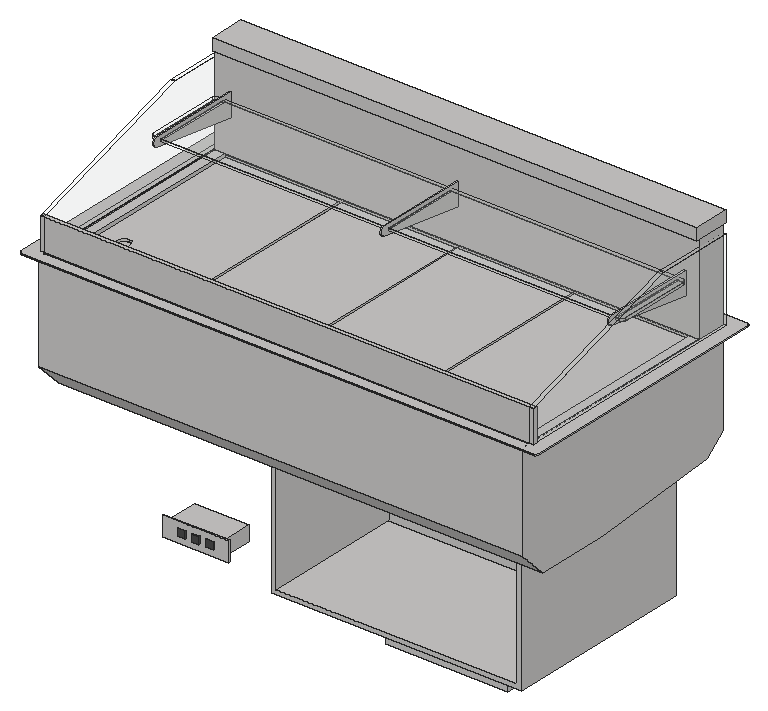
Revit family "QF_ELECTROLUXPROFESSIONAL_341052_D13C4", category Specialty Equipment, Revit 2018
Family settings
  Round Connector Dimension = Use Diameter
  Part Type = Normal
  Work Plane-Based = No
  Always vertical = Yes
  Cut with Voids When Loaded = No
  Shared = No
  Room Calculation Point = No
Parameters (values of type "341052.rfa")
  Weight = 104.20 kg
  Watts = 0 W
  Volts = 0 V
  URL Manufacturer = ""
  URL = ""
  Steam Supply Size = 0 mm
  Steam Supply Minimum Pressure = 0.0 Pa
  Steam Supply Maximum Pressure = 0.0 Pa
  Steam Pounds per Hour = 0
  Show Clearance [instance] = yes
  Remote Electrical Box_Z [instance] = 200.00 mm
  Remote Electrical Box_Y [instance] = 500.00 mm
  Remote Electrical Box_X [instance] = 1000.00 mm
  Refrigeration Suction Line Size = 0 mm
  Refrigeration Liquid Line Size = 0 mm
  Refrigerant Compressor Remote = yes
  Manufacturer = ""
  Phase = 0
  Model = ""
  Length Actual = 1450.00 mm  # constant formula
  Item Number = ""
  Hot Water Size = 0 mm
  Height Actual = 990.00 mm  # constant formula
  HP = "0 HP"
  Gas Size = 0 mm
  Gas KW = 0
  Gas Input Pressure = 0 W
  Direct Waste Size = 25.4 mm
  Description = ""
  Depth Actual = 750.00 mm  # constant formula
  Cycle = 0 Hz
  Controller_Y [instance] = 500.00 mm
  Controller_1Z [instance] = 200.00 mm
  Controller_1X [instance] = 300.00 mm
  Condensate Return Size = 0 mm
  Compressed Air Volume = 0.0 L/s
  Compressed Air Size = 0 mm
  Compressed Air Pressure = 0.0 Pa
  Cold Water Size = 0 mm
  Accessory = yes
Types (2, lengths in mm): name | Volts | URL Manufacturer | URL | Manufacturer | Phase | Model | Item Number | Description | Cycle
  341052.rfa | 0 V | "" | "" | "" | 0 | "" | "" | "" | 0 Hz
  Standard | 220 V | "http://professional.electrolux.com" | "http://professional.electrolux.com" | "Electrolux Professional" | 1 | "D13C4" | "341052" | "DROP-IN REFRIGERATED WELL, VENTILATED, 1 REF. SHELF AND 1 NEUTRAL SHELF, 4GN" | 50 Hz
Reference planes
  plane 1 "Centro (Fronte/Retro)": y = 74.737
  plane 2: z = 0
  plane 3 "BACK": y = 449.737
  plane 4 "FRONT": y = -300.263
  plane 5 "RIGHT": x = 210.731
  plane 6 "LEFT": x = -1239.269
  plane 7: x = -514.269
  plane 8 "TOP": z = 900
  plane 9: y = 417.737
  plane 10: y = -268.263
  plane 11: x = 136.731
  plane 12: x = -1165.269
  plane 13: y = 412.237
  plane 14: y = -269.483
  plane 15: x = -1213.269
  plane 16: x = 184.731
  plane 17: z = 898
  plane 18: x = -614.269
  plane 19: x = 85.731
  plane 20: x = -602.269
  plane 21: x = 73.731
  plane 22: x = -517.269
  plane 23: x = -511.269
  plane 24: x = -1205.269
  plane 25: x = 176.731
  plane 26: z = 554
  plane 27: z = 220
  plane 28: z = 1041
  plane 29: z = 1049
  plane 30: y = 308.954
  plane 31: y = 83.954
  plane 32: x = -1175.269
  plane 33: x = 146.731
  plane 34: x = -1153.269
  plane 35: x = -1149.269
  plane 36: x = 120.731
  plane 37: x = 124.731
  plane 38: x = -516.269
  plane 39: x = -512.269
  plane 40: x = -516.269
  plane 41: x = -512.269
  plane 42: y = -195.263
  plane 43: y = 344.737
  plane 44: x = 164.231
  plane 45: x = -1192.769
  plane 46 "1": y = -109.263
  plane 47: x = -939.269
  plane 48: x = -239.269
  plane 49: y = -50.263
  plane 50: y = -50.263
  plane 51: z = 200
  plane 52: z = 200
Forms (mm)
  Extrusion 1, solid, material "QF_Finishes_Stainless Steel"
    sketch origin (0, 0, 900) x (-1, 0, 0) y (0, -1, 0)
      loop
        arc (1229.269, -449.737) -> (1236.34, -446.808) -> (1239.269, -439.737) r 10
        line (1239.269, -439.737) -> (1239.269, 290.263)
        arc (1239.269, 290.263) -> (1236.34, 297.334) -> (1229.269, 300.263) r 10
        line (1229.269, 300.263) -> (-200.731, 300.263)
        arc (-200.731, 300.263) -> (-207.802, 297.334) -> (-210.731, 290.263) r 10
        line (-210.731, 290.263) -> (-210.731, -439.737)
        arc (-210.731, -439.737) -> (-207.802, -446.808) -> (-200.731, -449.737) r 10
        line (-200.731, -449.737) -> (1229.269, -449.737)
      loop
        line (1192.769, -412.237) -> (1192.769, 269.483) -> (-164.231, 269.483) -> (-164.231, -412.237) -> (1192.769, -412.237)
    from 0 to -2
  Extrusion 2, solid, material "QF_Finishes_Stainless Steel"
    sketch origin (232.311, 787.737, -30) x (0, -1, 0) y (0, 0, -1)
      loop
        line (588.53, -262) -> (468.413, -262) -> (468.413, -560.97) -> (588.53, -560.97) -> (588.53, -262)
    from -834.58 to -158.58
  Extrusion 3, solid, material "QF_Finishes_Stainless Steel"
    sketch origin (231.731, 362.737, 0) x (0, -1, 0) y (0, 0, -1)
      loop
        line (650.5, -623.82) -> (580.68, -554) -> (371.981, -554) -> (6.32, -585.991) -> (-49.5, -632.83) -> (-49.5, -898) -> (650.5, -898) -> (650.5, -623.82)
    from -1424.5 to -67.5
  Extrusion 4, solid, material "QF_Finishes_Stainless Steel"
    sketch origin (231.731, 362.737, 0) x (0, -1, 0) y (0, 0, -1)
      loop
        line (-48.737, -1150.8) -> (32.063, -1150.8) -> (32.063, -898) -> (-48.737, -898) -> (-48.737, -1150.8)
    from -1424.5 to -67.5
  Extrusion 5, void
    sketch origin (0, 0, 900) x (-1, 0, 0) y (0, -1, 0)
      loop
        line (1165.269, 205.526) -> (-136.731, 205.526) -> (-136.731, -330.674) -> (1165.269, -330.674) -> (1165.269, 205.526)
    from 0 to -15
  Extrusion 6, solid, material "QF_Finishes_Stainless Steel"
    sketch origin (231.731, 362.737, 0) x (0, -1, 0) y (0, 0, -1)
      loop
        line (41.663, -1182.5) -> (41.663, -1150.8) -> (-58.337, -1150.8) -> (-58.337, -1182.5) -> (41.663, -1182.5)
    from -1424.5 to -67.5
  Extrusion 7, solid, material "QF_Finishes_Glass"
    sketch origin (231.731, 362.737, 0) x (0, -1, 0) y (0, 0, -1)
      loop
        line (628.263, -989.8) -> (628.263, -900) -> (-48.737, -900) -> (-48.737, -1130.8) -> (171.263, -1130.8) -> (628.263, -989.8)
    from -67.5 to -55
  Extrusion 8, solid, material "QF_Finishes_Glass"
    sketch origin (-1260.269, 362.737, 0) x (0, -1, 0) y (0, 0, 1)
      loop
        line (628.263, 989.8) -> (171.263, 1130.8) -> (-48.737, 1130.8) -> (-48.737, 900) -> (628.263, 900) -> (628.263, 989.8)
    from -67.5 to -55
  Extrusion 9, solid, material "QF_Finishes_Stainless Steel"
    sketch origin (231.731, 362.737, 0) x (0, -1, 0) y (0, 0, -1)
      loop
        line (628.263, -900) -> (618.263, -900) -> (618.263, -989.8) -> (628.263, -989.8) -> (628.263, -900)
    from -1437 to -55
  Extrusion 10, solid, material "QF_Finishes_Stainless Steel"
    sketch origin (231.731, 362.737, 0) x (0, -1, 0) y (0, 0, -1)
      loop
        line (32.063, -1057) -> (288, -1057)
        arc (288, -1057) -> (300, -1045) -> (288, -1033) r 12
        line (288, -1033) -> (32.063, -992.464) -> (32.063, -1057)
      loop
        line (278.825, -1049) -> (278.825, -1041) -> (53.8, -1041) -> (53.8, -1049) -> (278.825, -1049)
    from -111 to -107
  Extrusion 11, solid, material "QF_Finishes_Stainless Steel"
    sketch origin (-392.269, 362.737, 0) x (0, -1, 0) y (0, 0, -1)
      loop
        line (32.063, -1057) -> (288, -1057)
        arc (288, -1057) -> (300, -1045) -> (288, -1033) r 12
        line (288, -1033) -> (32.063, -992.464) -> (32.063, -1057)
      loop
        line (278.825, -1049) -> (278.825, -1041) -> (53.8, -1041) -> (53.8, -1049) -> (278.825, -1049)
    from -761 to -757
  Extrusion 12, solid, material "QF_Finishes_Stainless Steel"
    sketch origin (79.731, 362.737, 0) x (0, -1, 0) y (0, 0, -1)
      loop
        line (32.063, -1057) -> (288, -1057)
        arc (288, -1057) -> (300, -1045) -> (288, -1033) r 12
        line (288, -1033) -> (32.063, -992.464) -> (32.063, -1057)
      loop
        line (278.825, -1049) -> (278.825, -1041) -> (53.8, -1041) -> (53.8, -1049) -> (278.825, -1049)
    from -596 to -592
  Extrusion 13, solid, material "QF_Finishes_Glass"
    sketch origin (0, 0, 0) x (-1, 0, 0) y (0, -1, 0)
      loop
        arc (1165.296, -308.938) -> (1172.348, -306.017) -> (1175.269, -298.965) r 9.972
        line (1175.269, -298.965) -> (1175.269, -93.97)
        arc (1175.269, -93.97) -> (1172.323, -86.858) -> (1165.21, -83.912) r 10.058
        line (1165.21, -83.912) -> (-136.732, -83.954)
        arc (-136.732, -83.954) -> (-143.803, -86.883) -> (-146.731, -93.954) r 10
        line (-146.731, -93.954) -> (-146.731, -298.954)
        arc (-146.731, -298.954) -> (-144.003, -305.819) -> (-137.306, -308.938) r 10
        line (-137.306, -308.938) -> (1165.296, -308.938)
    from 1041 to 1049
  Extrusion 14, solid, material "QF_Finishes_Stainless Steel"
    sketch origin (0, -25.263, 900) x (-1, 0, 0) y (0, -1, 0)
      loop
        line (844.269, -354.737) -> (1165.269, -354.737) -> (1165.269, 180.263) -> (844.269, 180.263) -> (844.269, -354.737)
    from -15 to -10
  Extrusion 15, solid, material "QF_Finishes_Stainless Steel"
    sketch origin (-1028.537, -25.263, 900) x (1, 0, 0) y (0, 1, 0)
      loop
        line (844.269, 354.737) -> (844.269, -180.263) -> (1165.269, -180.263) -> (1165.269, 354.737) -> (844.269, 354.737)
    from -15 to -10
  Extrusion 16, solid, material "QF_Finishes_Stainless Steel"
    sketch origin (327.813, -25.263, 900) x (-1, 0, 0) y (0, -1, 0)
      loop
        line (518.082, -354.737) -> (839.082, -354.737) -> (839.082, 180.263) -> (518.082, 180.263) -> (518.082, -354.737)
    from -15 to -10
  Extrusion 17, solid, material "QF_Finishes_Stainless Steel"
    sketch origin (-1683.757, -25.263, 900) x (1, 0, 0) y (0, 1, 0)
      loop
        line (845.489, 354.737) -> (845.489, -180.263) -> (1166.489, -180.263) -> (1166.489, 354.737) -> (845.489, 354.737)
    from -15 to -10
  Extrusion 18, solid, material "QF_Finishes_Stainless Steel"
    sketch origin (231.731, -231.263, 456) x (0, 0, 1) y (-1, 0, 0)
      loop
        line (98, 146) -> (98, 158) -> (-224, 158) -> (-224, 834) -> (98, 834) -> (98, 846) -> (-236, 846) -> (-236, 146) -> (98, 146)
    from -36 to -576
  Sweep 19, solid, material "QF_Finishes_Stainless Steel"
    path origin (0, -109.263, 0) x (1, 0, 0) y (0, 0, 1)
      loop
        line (-1096.274, 554) -> (-1096.274, 501) -> (-1049.269, 501)
    profile origin (-1096.274, -109.263, 527.5) x (0, -1, 0) y (1, 0, 0)
      loop
        circle (0, 0) r 18
  Extrusion 20, void
    sketch origin (0, 0, 900) x (-1, 0, 0) y (0, -1, 0)
      loop
        circle (1096.274, 109.263) r 18
    from -15 to 0
Cuts and joins
  Extrusion 5 cuts Extrusion 4
  Extrusion 5 cuts Extrusion 3
  Extrusion 20 cuts Extrusion 14
Lines and regions (mm)
  symbolic lines
    curve 1: line (200.731, 449.737, 900) -> (-1229.269, 449.737, 900)
    curve 2: arc (-1229.269, 449.737, 900) -> (-1236.34, 446.808, 900) -> (-1239.269, 439.737, 900) r 10
    curve 3: line (-1239.269, 439.737, 900) -> (-1239.269, -290.263, 900)
    curve 4: arc (-1239.269, -290.263, 900) -> (-1236.34, -297.334, 900) -> (-1229.269, -300.263, 900) r 10
    curve 5: line (-1229.269, -300.263, 900) -> (200.731, -300.263, 900)
    curve 6: arc (200.731, -300.263, 900) -> (207.802, -297.334, 900) -> (210.731, -290.263, 900) r 10
    curve 7: line (210.731, -290.263, 900) -> (210.731, 439.737, 900)
    curve 8: arc (210.731, 439.737, 900) -> (207.802, 446.808, 900) -> (200.731, 449.737, 900) r 10
    curve 9: line (184.731, 421.074, 900) -> (184.731, -269.483, 900)
    curve 10: line (184.731, -269.483, 900) -> (-1213.269, -269.483, 900)
    curve 11: line (-1213.269, -269.483, 900) -> (-1213.269, 421.074, 900)
    curve 12: line (184.731, 421.074, 900) -> (-1213.269, 421.074, 900)
    curve 13: line (-1213.269, 321.074, 900) -> (184.731, 321.074, 900)
    curve 14: line (176.731, -205.526, 900) -> (-1205.269, -205.526, 900)
    curve 15: line (176.731, -255.526, 900) -> (-1205.269, -255.526, 900)
    curve 16: line (-1213.269, -265.526, 900) -> (184.731, -265.526, 900)
    curve 17: line (-844.269, -205.526, 900) -> (-844.269, 83.912, 900)
    curve 18: line (-838.269, 83.912, 900) -> (-838.269, -205.526, 900)
    curve 19: line (-1205.269, 321.074, 900) -> (-1205.269, -265.526, 900)
    curve 20: line (176.731, -265.526, 900) -> (176.731, 321.074, 900)
    curve 21: line (-1153.269, 321.074, 900) -> (-1153.269, 62.737, 900)
    curve 22: line (-1149.269, 321.074, 900) -> (-1149.269, 62.737, 900)
    curve 23: line (-1153.269, 62.737, 900) -> (-1149.269, 62.737, 900)
    curve 24: line (120.731, 321.074, 900) -> (120.731, 62.737, 900)
    curve 25: line (120.731, 62.737, 900) -> (124.731, 62.737, 900)
    curve 26: line (124.731, 62.737, 900) -> (124.731, 321.074, 900)
    curve 27: line (120.731, 308.938, 900) -> (-512.269, 308.938, 900)
    curve 28: line (-516.269, 321.074, 900) -> (-516.269, 62.737, 900)
    curve 29: line (-512.269, 321.074, 900) -> (-512.269, 62.737, 900)
    curve 30: line (-516.269, 62.737, 900) -> (-512.269, 62.737, 900)
    curve 31: line (-516.269, 321.074, 900) -> (-516.269, 62.737, 900)
    curve 32: line (-512.269, 321.074, 900) -> (-512.269, 62.737, 900)
    curve 33: line (-516.269, 62.737, 900) -> (-512.269, 62.737, 900)
    curve 34: line (-1165.269, -205.526, 900) -> (-1165.269, 84.474, 900)
    curve 35: line (-1149.269, 83.912, 900) -> (-516.269, 83.912, 900)
    curve 36: line (-512.269, 83.912, 900) -> (120.731, 83.912, 900)
    curve 37: line (-516.269, 308.938, 900) -> (-1149.269, 308.938, 900)
    curve 38: line (-190.269, -205.526, 900) -> (-190.269, 83.912, 900)
    curve 39: line (-184.269, 83.912, 900) -> (-184.269, -205.526, 900)
    curve 40: line (124.731, 308.938, 900) -> (136.731, 308.938, 900)
    curve 41: line (-190.269, 308.938, 900) -> (-190.269, 321.074, 900)
    curve 42: line (-184.269, 308.938, 900) -> (-184.269, 321.074, 900)
    curve 43: line (-844.269, 321.074, 900) -> (-844.269, 308.938, 900)
    curve 44: line (-838.269, 321.074, 900) -> (-838.269, 308.938, 900)
    curve 45: arc (146.731, 298.954, 900) -> (144.003, 305.819, 900) -> (137.306, 308.938, 900) r 10
    curve 46: line (146.731, 93.954, 900) -> (146.731, 298.954, 900)
    curve 47: arc (136.731, 83.954, 900) -> (143.802, 86.883, 900) -> (146.731, 93.954, 900) r 10
    curve 48: arc (-1175.269, 93.97, 900) -> (-1172.323, 86.858, 900) -> (-1165.211, 83.912, 900) r 10.058
    curve 49: line (-1175.269, 298.965, 900) -> (-1175.269, 93.97, 900)
    curve 50: arc (-1165.296, 308.938, 900) -> (-1172.348, 306.017, 900) -> (-1175.269, 298.965, 900) r 9.972
    curve 51: line (-1165.296, 308.938, 900) -> (-1153.269, 308.938, 900)
    curve 52: line (-1165.211, 83.912, 900) -> (-1153.269, 83.912, 900)
    curve 53: line (136.731, 83.954, 900) -> (124.731, 83.954, 900)
    curve 54: line (136.731, -205.526, 900) -> (136.731, 84.474, 900)
    curve 55: line (136.731, 321.074, 900) -> (136.731, 308.938, 900)
    curve 56: line (-1165.296, 308.938, 900) -> (-1165.296, 321.074, 900)
    curve 57: line (-517.269, -205.526, 900) -> (-517.269, 83.912, 900)
    curve 58: line (-511.269, 83.912, 900) -> (-511.269, -205.526, 900)
    curve 59: line (-517.269, 308.938, 900) -> (-517.269, 321.074, 900)
    curve 60: line (-511.269, 308.938, 900) -> (-511.269, 321.074, 900)
    curve 64: arc (-1078.274, -109.263, 900) -> (-1096.274, -127.263, 900) -> (-1114.274, -109.263, 900) r 18
    curve 65: arc (-1114.274, -109.263, 900) -> (-1096.274, -91.263, 900) -> (-1078.274, -109.263, 900) r 18
  symbolic lines, style "SpecialityEquipmentHiddenLines"
    curve 61: line (-1192.769, -287.763, 900) -> (164.231, -287.763, 900)
    curve 62: line (-1192.769, 411.474, 900) -> (-1192.769, -287.763, 900)
    curve 63: line (164.231, -287.763, 900) -> (164.231, 411.474, 900)
    curve 66: line (-1192.769, -287.763, 900) -> (164.231, -287.763, 900)
    curve 67: line (-1192.769, 412.237, 900) -> (-1192.769, -287.763, 900)
    curve 68: line (164.231, 412.237, 900) -> (-1192.769, 412.237, 900)
    curve 69: line (164.231, -287.763, 900) -> (164.231, 412.237, 900)
    curve 70: line (-614.269, 344.737, 900) -> (85.731, 344.737, 900)
    curve 71: line (-614.269, -195.263, 900) -> (-614.269, 344.737, 900)
    curve 72: line (85.731, -195.263, 900) -> (-614.269, -195.263, 900)
    curve 73: line (85.731, 344.737, 900) -> (85.731, -195.263, 900)
Dimensions and locks
  plane 6 "LEFT" to plane 5 "RIGHT" = 1450.00 mm
  equal spacing: plane 3 "BACK", plane 1 "Centro (Fronte/Retro)", plane 4 "FRONT"
  plane 3 "BACK" to plane 4 "FRONT" = 750.00 mm
  equal spacing: plane 6 "LEFT", plane 7, plane 5 "RIGHT"
  locked: plane 8 "TOP" to plane 2 at 900
  locked: plane 6 "LEFT" to plane 12 at 74
  locked: plane 11 to plane 5 "RIGHT" at 74
  locked: plane 3 "BACK" to plane 9 at 32
  locked: plane 10 to plane 4 "FRONT" at 32
  locked: plane 3 "BACK" to plane 13 at 37.5
  locked: plane 14 to plane 4 "FRONT" at 30.78
  locked: plane 6 "LEFT" to plane 15 at 26
  locked: plane 16 to plane 5 "RIGHT" at 26
  locked: plane 8 "TOP" to plane 17 at 2
  plane 19 to plane 18 = 700.00 mm  (x2)
  locked: plane 20 to plane 18 at 12
  locked: plane 19 to plane 21 at 12
  locked: plane 22 to plane 23 at 6
  locked: plane 15 to plane 24 at 8
  locked: plane 25 to plane 16 at 8
  plane 19 to plane 7 to plane 18 = 600.00 mm, 100.00 mm
  plane 8 "TOP" to plane 26 = 346.00 mm
  plane 28 to plane 8 "TOP" = 141.00 mm
  locked: plane 29 to plane 28 at 8
  plane 32 to plane 33 = 1322.00 mm
  equal spacing: plane 32, plane 7, plane 33
  plane 24 to plane 32 = 30.00 mm
  plane 33 to plane 25 = 30.00 mm
  locked: plane 34 to plane 35 at 4
  locked: plane 38 to plane 39 at 4
  locked: plane 36 to plane 37 at 4
  locked: plane 40 to plane 41 at 4
  plane 5 "RIGHT" to plane 19 = 125.00 mm  (x2)
  plane 8 "TOP" to plane 27 = 680.00 mm
  plane 26 to plane 27 = 334.00 mm
  equal spacing: plane 42, plane 1 "Centro (Fronte/Retro)", plane 43
  plane 42 to plane 43 = 540.00 mm
  plane 43 to plane 42 = 540.00 mm
  plane 44 to plane 45 = 1357.00 mm
  equal spacing: plane 45, plane 7, plane 44
  Extrusion 6 to plane 27 = 962.50 mm
  plane 5 "RIGHT" to cut or joined group of Extrusion 3, Extrusion 5 = 46.50 mm
  plane 6 "LEFT" to cut or joined group of Extrusion 3, Extrusion 5 = 46.50 mm
  "Controller_Y": plane 3 "BACK" to plane 50
  "Remote Electrical Box_Y": plane 3 "BACK" to plane 49
  "Controller_1X": plane 6 "LEFT" to plane 47
  "Remote Electrical Box_X": plane 6 "LEFT" to plane 48
  "Controller_1Z": plane 51 to plane 2
  "Remote Electrical Box_Z": plane 52 to plane 2
  aligned and locked: level to plane 2
  aligned and locked: Extrusion 1 sketch curve to plane 3 "BACK"
  aligned and locked: plane 6 "LEFT" to Extrusion 1 sketch curve
  aligned and locked: plane 4 "FRONT" to Extrusion 1 sketch curve
  aligned and locked: Extrusion 1 sketch curve to plane 5 "RIGHT"
  aligned and locked: Extrusion 1 sketch curve to plane 13
  aligned and locked: Extrusion 1 sketch curve to plane 14
  aligned and locked: Extrusion 1 to plane 17
  aligned and locked: Extrusion 2 to plane 20
  aligned and locked: Extrusion 2 to plane 21
  aligned and locked: Extrusion 1 to Extrusion 3 sketch curve
  aligned and locked: Extrusion 5 sketch curve to cut or joined group of Extrusion 4, Extrusion 5
  aligned and locked: Extrusion 1 to Extrusion 4
  aligned and locked: Extrusion 7 to plane 25
  aligned and locked: Extrusion 5 sketch curve to plane 12
  aligned and locked: plane 11 to Extrusion 5 sketch curve
  aligned and locked: plane 24 to Extrusion 8
  aligned and locked: Extrusion 9 to plane 24
  aligned and locked: plane 25 to Extrusion 9
  aligned and locked: Extrusion 11 to plane 34
  aligned and locked: plane 37 to Extrusion 10
  aligned and locked: Extrusion 10 to plane 36
  aligned and locked: plane 35 to Extrusion 11
  aligned and locked: Extrusion 12 to plane 40
  aligned and locked: plane 41 to Extrusion 12
  aligned and locked: Extrusion 13 to plane 28
  aligned and locked: plane 29 to Extrusion 13
  aligned and locked: Extrusion 13 sketch curve to plane 32
  aligned and locked: Extrusion 13 sketch curve to plane 33
  aligned and locked: plane 47 to nested 1
  aligned and locked: plane 48 to nested 2
  aligned and locked: plane 49 to nested 2
  aligned and locked: plane 50 to nested 1
  aligned and locked: plane 52 to nested 2
  aligned and locked: nested 1 to plane 51
Automatic sketch dimensions
  Extrusion 1 sketch curve to plane 5 "RIGHT" = 10.00 mm
  Extrusion 1 sketch curve to plane 3 "BACK" = 10.00 mm  (x2)
  Extrusion 1 sketch curve to Extrusion 1 sketch curve = 10.00 mm
  Extrusion 13 sketch curve to plane 11 = 0.00 mm  (x2)
  Extrusion 13 sketch curve to plane 30 = 0.017 mm
  plane 11 to Extrusion 13 sketch curve = 0.574 mm
  plane 11 to Extrusion 13 sketch curve = 0.00 mm
  Extrusion 13 sketch curve to plane 31 = 0.042 mm
  plane 12 to Extrusion 13 sketch curve = 0.058 mm  (x2)
  Extrusion 13 sketch curve to plane 12 = 0.028 mm
  plane 31 to Extrusion 13 sketch curve = 10.00 mm
  plane 27 to Extrusion 2 sketch curve = 12.00 mm
  Extrusion 2 sketch curve to plane 26 = 23.03 mm
  Extrusion 3 sketch curve to plane 26 = 0.00 mm
  plane 13 to Extrusion 3 sketch curve = 0.00 mm
  plane 30 to Extrusion 3 sketch curve = 47.463 mm
  plane 1 "Centro (Fronte/Retro)" to Extrusion 3 sketch curve = 83.981 mm
  plane 4 "FRONT" to Extrusion 3 sketch curve = 12.50 mm
  plane 26 to Extrusion 3 sketch curve = 78.83 mm
  plane 26 to Extrusion 3 sketch curve = 69.82 mm
  plane 26 to Extrusion 3 sketch curve = 31.991 mm
  Extrusion 4 sketch curve to plane 17 = 0.00 mm
  Extrusion 4 sketch curve to plane 13 = 0.763 mm
  plane 30 to Extrusion 4 sketch curve = 21.72 mm
  plane 29 to Extrusion 4 sketch curve = 101.80 mm
  plane 9 to Extrusion 6 sketch curve = 3.337 mm
  plane 30 to Extrusion 6 sketch curve = 12.12 mm
  plane 29 to Extrusion 6 sketch curve = 133.50 mm
  Extrusion 6 sketch curve to Extrusion 6 sketch curve = 31.70 mm
  Extrusion 7 sketch curve to plane 8 "TOP" = 0.00 mm
  Extrusion 7 sketch curve to plane 13 = 0.763 mm
  plane 31 to Extrusion 7 sketch curve = 107.52 mm
  plane 10 to Extrusion 7 sketch curve = 2.737 mm
  Extrusion 7 sketch curve to plane 28 = 51.20 mm
  plane 29 to Extrusion 7 sketch curve = 81.80 mm
  Extrusion 8 sketch curve to plane 8 "TOP" = 0.00 mm
  Extrusion 8 sketch curve to plane 13 = 0.763 mm
  plane 31 to Extrusion 8 sketch curve = 107.52 mm
  plane 10 to Extrusion 8 sketch curve = 2.737 mm
  Extrusion 8 sketch curve to plane 28 = 51.20 mm
  plane 29 to Extrusion 8 sketch curve = 81.80 mm
  Extrusion 9 sketch curve to plane 8 "TOP" = 0.00 mm
  plane 10 to Extrusion 9 sketch curve = 12.737 mm
  plane 10 to Extrusion 9 sketch curve = 2.737 mm
  Extrusion 9 sketch curve to plane 28 = 51.20 mm
  Extrusion 10 sketch curve to plane 28 = 0.00 mm
  Extrusion 10 sketch curve to plane 29 = 0.00 mm
  Extrusion 10 sketch curve to plane 1 "Centro (Fronte/Retro)" = 0.00 mm
  Extrusion 10 sketch curve to plane 31 = 0.042 mm
  Extrusion 10 sketch curve to plane 30 = 0.017 mm
  plane 29 to Extrusion 10 sketch curve = 8.00 mm
  plane 30 to Extrusion 10 sketch curve = 21.72 mm
  plane 28 to Extrusion 10 sketch curve = 4.00 mm
  Extrusion 10 sketch curve to plane 28 = 48.536 mm
  Extrusion 11 sketch curve to plane 28 = 0.00 mm
  Extrusion 11 sketch curve to plane 29 = 0.00 mm
  Extrusion 11 sketch curve to plane 1 "Centro (Fronte/Retro)" = 0.00 mm
  Extrusion 11 sketch curve to plane 31 = 0.042 mm
  Extrusion 11 sketch curve to plane 30 = 0.017 mm
  plane 29 to Extrusion 11 sketch curve = 8.00 mm
  plane 30 to Extrusion 11 sketch curve = 21.72 mm
  plane 28 to Extrusion 11 sketch curve = 4.00 mm
  Extrusion 11 sketch curve to plane 28 = 48.536 mm
  Extrusion 12 sketch curve to plane 28 = 0.00 mm
  Extrusion 12 sketch curve to plane 29 = 0.00 mm
  Extrusion 12 sketch curve to plane 1 "Centro (Fronte/Retro)" = 0.00 mm
  Extrusion 12 sketch curve to plane 31 = 0.042 mm
  Extrusion 12 sketch curve to plane 30 = 0.017 mm
  plane 29 to Extrusion 12 sketch curve = 8.00 mm
  plane 30 to Extrusion 12 sketch curve = 21.72 mm
  plane 28 to Extrusion 12 sketch curve = 4.00 mm
  Extrusion 12 sketch curve to plane 28 = 48.536 mm
  Extrusion 14 sketch curve to plane 12 = 0.00 mm
  plane 30 to Extrusion 14 sketch curve = 20.52 mm
  Extrusion 14 sketch curve to plane 18 = 230.00 mm
  plane 10 to Extrusion 2 sketch curve = 587.587 mm
  plane 10 to Extrusion 2 sketch curve = 467.47 mm
  plane 10 to Extrusion 3 sketch curve = 50.32 mm
  plane 10 to Extrusion 5 sketch curve = 62.737 mm
  plane 10 to Extrusion 14 sketch curve = 62.737 mm
  Extrusion 18 sketch curve to plane 19 = 0.00 mm
  Extrusion 18 sketch curve to plane 27 = 0.00 mm
  plane 21 to Extrusion 18 sketch curve = 0.00 mm
  Extrusion 18 sketch curve to plane 20 = 0.00 mm
  Extrusion 18 sketch curve to plane 26 = 0.00 mm  (x2)
  Extrusion 18 sketch curve to plane 18 = 0.00 mm
  plane 27 to Extrusion 18 sketch curve = 12.00 mm
  plane 45 to Extrusion 1 sketch curve = 0.00 mm
  Extrusion 1 sketch curve to plane 44 = 0.00 mm
  Extrusion 15 sketch curve to plane 11 = 0.00 mm
  plane 43 to Extrusion 15 sketch curve = 15.263 mm
  plane 21 to Extrusion 15 sketch curve = 258.00 mm
  plane 42 to Extrusion 15 sketch curve = 10.263 mm
  Extrusion 16 sketch curve to plane 42 = 10.263 mm
  Extrusion 16 sketch curve to plane 21 = 264.00 mm
  plane 23 to Extrusion 16 sketch curve = 0.00 mm
  Extrusion 16 sketch curve to plane 43 = 15.263 mm
  Extrusion 17 sketch curve to plane 22 = 0.00 mm
  plane 43 to Extrusion 17 sketch curve = 15.263 mm
  plane 18 to Extrusion 17 sketch curve = 224.00 mm
  plane 42 to Extrusion 17 sketch curve = 10.263 mm
  Sweep 19 sketch curve to plane 26 = 0.00 mm
  plane 35 to Sweep 19 sketch curve = 52.995 mm
  Sweep 19 sketch curve to Sweep 19 sketch curve = 53.00 mm
  Sweep 19 sketch curve to Sweep 19 sketch curve = 47.005 mm
  plane 46 "1" to Sweep 19 sketch curve = 0.00 mm
  Sweep 19 sketch curve to profile plane = 0.00 mm
  curve 8 to plane 5 "RIGHT" = 0.00 mm
  curve 1 to plane 3 "BACK" = 0.00 mm
  curve 6 to plane 4 "FRONT" = 0.00 mm
  plane 14 to curve 9 = 0.00 mm
  curve 9 to plane 16 = 0.00 mm
  curve 20 to plane 25 = 0.00 mm
  curve 61 to plane 44 = 0.00 mm
  curve 46 to plane 33 = 0.00 mm
  curve 54 to plane 11 = 0.00 mm
  curve 47 to plane 11 = 0.00 mm
  curve 55 to plane 11 = 0.00 mm
  curve 45 to plane 11 = 0.00 mm
  curve 26 to plane 37 = 0.00 mm
  curve 73 to plane 19 = 0.00 mm
  curve 60 to plane 23 = 0.00 mm
  curve 58 to plane 23 = 0.00 mm
  curve 29 to plane 39 = 0.00 mm
  curve 28 to plane 38 = 0.00 mm
  curve 59 to plane 22 = 0.00 mm
  curve 57 to plane 22 = 0.00 mm
  curve 72 to plane 18 = 0.00 mm
  plane 46 "1" to curve 65 = 0.00 mm
  curve 51 to plane 34 = 0.00 mm
  curve 34 to plane 12 = 0.00 mm
  curve 50 to plane 32 = 0.00 mm
  curve 67 to plane 45 = 0.00 mm
  curve 19 to plane 24 = 0.00 mm
  curve 11 to plane 15 = 0.00 mm
  curve 3 to plane 6 "LEFT" = 0.00 mm
  curve 71 to plane 43 = 0.00 mm
  curve 72 to plane 42 = 0.00 mm
  curve 7 to curve 8 = 10.00 mm
  plane 4 "FRONT" to curve 6 = 10.00 mm
  curve 25 to plane 36 = 0.00 mm
  plane 39 to curve 33 = 0.00 mm
  plane 35 to curve 64 = 52.995 mm
  plane 35 to curve 23 = 0.00 mm
  plane 12 to curve 48 = 0.058 mm
  curve 50 to plane 12 = 0.028 mm
  plane 6 "LEFT" to curve 5 = 10.00 mm
  curve 2 to curve 2 = 10.00 mm
  plane 9 to curve 9 = 3.337 mm
  plane 13 to curve 69 = 0.00 mm
  curve 40 to plane 30 = 0.017 mm
  curve 51 to plane 30 = 0.017 mm
  curve 46 to plane 30 = 10.00 mm
  plane 31 to curve 48 = 10.016 mm
  plane 31 to curve 46 = 10.00 mm
  plane 1 "Centro (Fronte/Retro)" to curve 22 = 12.00 mm
  plane 1 "Centro (Fronte/Retro)" to curve 28 = 12.00 mm
  plane 1 "Centro (Fronte/Retro)" to curve 25 = 12.00 mm
  plane 4 "FRONT" to curve 62 = 12.50 mm
  curve 45 to plane 30 = 0.017 mm
  curve 39 to plane 42 = 10.263 mm
  curve 39 to plane 21 = 258.00 mm
  curve 42 to plane 30 = 0.017 mm
  curve 42 to curve 39 = 0.00 mm
  curve 42 to curve 41 = 6.00 mm
  curve 38 to plane 31 = 0.042 mm
  curve 39 to curve 38 = 6.00 mm
  curve 18 to plane 18 = 224.00 mm
  plane 30 to curve 44 = 12.12 mm
  curve 44 to plane 18 = 224.00 mm
  curve 44 to curve 43 = 6.00 mm
  curve 18 to curve 17 = 6.00 mm
  curve 65 to curve 64 = 18.00 mm
  curve 63 to plane 13 = 0.763 mm
  curve 62 to plane 13 = 0.763 mm
  curve 43 to plane 30 = 0.017 mm
  plane 31 to curve 34 = 0.52 mm
  curve 54 to curve 47 = 0.519 mm
  curve 35 to plane 31 = 0.042 mm
  plane 10 to curve 15 = 12.737 mm
  plane 10 to curve 20 = 2.737 mm
  Extrusion 20 sketch curve to Extrusion 20 sketch curve = 0.00 mm  (x2)
  plane 46 "1" to Extrusion 20 sketch curve = 0.00 mm
  plane 35 to Extrusion 20 sketch curve = 52.995 mm
  Extrusion 20 sketch curve to plane 46 "1" = 18.00 mm
  radius of Sweep 19 sketch curve = 18.00 mm
Nested families
  nested 1: "Controller" at (-939.269, -50.263, 200), type "Controller"
  nested 2: "Remote_Electrical_Box" at (-239.269, 64.737, 100), type "Remote_Electrical_Box"
  nested 3: "Refrigerator" at (30.731, -110.263, 900), type "Refrigerator"
Connectors
  piping at (-1049.269, -109.263, 501), diameter 36
    settings: on Sweep 19, index 1, connector inside diameter 609.6 mm, connector length 0.00 mm, flow factor 0, pipe flow 0.0 L/s, pressure drop 0.0 Pa, fitting loss kfactor 0, connector angle 0.00°, fixture units 0, engagement length 0.00 mm, angle of deflection 0.00°, flow configuration 1, flow direction 1, fitting loss method 0, system type 16, joint type 0, gender type 0, connector reference index -1, connector utility 0, adjustable connector no, is connector primary yes, connector description "drain"
Definition of nested family "Controller"
  Reference planes
    plane 1 "Center (Front/Back)": y = 0
    plane 2: z = 0
    plane 3 "Center (Left/Right)": x = 0
  Forms (mm)
    Extrusion 1, solid
      sketch origin (0, 44.769, -48.2) x (1, 0, 0) y (0, 1, 0)
        loop
          line (-76, 43.231) -> (-76, -47.65) -> (76, -47.65) -> (76, 43.231) -> (-76, 43.231)
      from 6.2 to 48.2
    Extrusion 2, solid
      sketch origin (0, 44.769, -48.2) x (1, 0, 0) y (0, 0, 1)
        loop
          line (-92.25, 54.4) -> (-92.25, 0) -> (92.25, 0) -> (92.25, 54.4) -> (-92.25, 54.4)
        loop
          line (-76, 48.2) -> (-76, 6.2) -> (76, 6.2) -> (76, 48.2) -> (-76, 48.2)
      from 44.769 to 47.65
    Extrusion 3, solid
      sketch origin (76, -2.881, -48.2) x (-1, 0, 0) y (0, 0, -1)
        loop
          line (106, -37.2) -> (126, -37.2) -> (126, -17.2) -> (106, -17.2) -> (106, -37.2)
        loop
          line (66, -37.2) -> (86, -37.2) -> (86, -17.2) -> (66, -17.2) -> (66, -37.2)
        loop
          line (26, -37.2) -> (46, -37.2) -> (46, -17.2) -> (26, -17.2) -> (26, -37.2)
      from 0 to 2
    Extrusion 4, void
      sketch origin (0, 0, 0) x (1, 0, 0) y (0, 1, 0)
        loop
          line (76, 88) -> (-76, 88) -> (-76, 0) -> (76, 0) -> (76, 88)
      from 0 to -42
  Cuts and joins
    Extrusion 4 cuts Extrusion 2
    joined: Extrusion 1, Extrusion 2
  Lines and regions (mm)
    symbolic lines
      curve 1: line (-76, 88, 0) -> (-76, 0, 0)
      curve 2: line (76, 88, 0) -> (-76, 88, 0)
      curve 3: line (76, 0, 0) -> (76, 88, 0)
      curve 4: line (-92.25, -2.881, 0) -> (92.25, -2.881, 0)
      curve 5: line (-92.25, 0, 0) -> (-92.25, -2.881, 0)
      curve 6: line (92.25, 0, 0) -> (-92.25, 0, 0)
      curve 7: line (92.25, -2.881, 0) -> (92.25, 0, 0)
  Dimensions and locks
    aligned and locked: level to plane 2
Definition of nested family "Remote_Electrical_Box"
  Parameters (values of type "Remote_Electrical_Box")
    Default Elevation = 1219.20 mm
  Reference planes
    plane 1 "Center (Front/Back)": y = 0
    plane 2: z = 0
    plane 3 "Center (Left/Right)": x = 0
    plane 4: x = -170
    plane 5: x = 170
    plane 6: y = 115
    plane 7: y = -115
    plane 8: z = 100
    plane 9: z = 50
  Forms (mm)
    Extrusion 1, solid
      sketch origin (0, 0, 0) x (1, 0, 0) y (0, 1, 0)
        loop
          line (-170, 115) -> (-170, -115) -> (170, -115) -> (170, 115) -> (-170, 115)
      from 0 to 100
    Extrusion 2, solid
      sketch origin (0, 0, 0) x (1, 0, 0) y (0, 0, 1)
        loop
          circle (-130, 49.381) r 13
      from 115 to 142
  Lines and regions (mm)
    symbolic lines
      curve 1: line (-170, 115, 0) -> (170, 115, 0)
      curve 2: line (-170, -115, 0) -> (-170, 115, 0)
      curve 3: line (170, -115, 0) -> (-170, -115, 0)
      curve 4: line (170, 115, 0) -> (170, -115, 0)
      curve 5: line (-143, -142, 0) -> (-117, -142, 0)
      curve 6: line (-143, -142, 0) -> (-143, -115, 0)
      curve 7: line (-117, -142, 0) -> (-117, -115, 0)
  Dimensions and locks
    equal spacing: plane 4, plane 3 "Center (Left/Right)", plane 5
    equal spacing: plane 6, plane 1 "Center (Front/Back)", plane 7
    plane 4 to plane 5 = 340.00 mm
    plane 6 to plane 7 = 230.00 mm
    Extrusion 1 to Extrusion 2 sketch curve = 40.00 mm
    equal spacing: plane 8, plane 9, plane 2
    aligned and locked: level to plane 2
    aligned and locked: Extrusion 1 sketch curve to plane 6
    aligned and locked: plane 4 to Extrusion 1 sketch curve
    aligned and locked: plane 7 to Extrusion 1 sketch curve
    aligned and locked: Extrusion 1 sketch curve to plane 5
    aligned and locked: plane 7 to Extrusion 2
    aligned and locked: plane 8 to Extrusion 1
  Automatic sketch dimensions
    level to Extrusion 2 sketch curve = 49.381 mm
    curve 3 to plane 4 = 0.00 mm
    curve 7 to plane 7 = 0.00 mm
    curve 3 to plane 5 = 0.00 mm
    curve 2 to plane 6 = 0.00 mm
    plane 4 to curve 6 = 27.00 mm
    curve 5 to curve 6 = 27.00 mm
    curve 6 to curve 7 = 26.00 mm
    radius of Extrusion 2 sketch curve = 13.00 mm
Definition of nested family "Refrigerator"
  Reference planes
    plane 1 "Center (Front/Back)": y = 0
    plane 2: z = 0
    plane 3 "Center (Left/Right)": x = 0
  Lines and regions (mm)
    detail lines, in view "Ref. Level"
      curve 1: line (0, -60, 0) -> (0, 60, 0)
      curve 2: line (-51.962, 30, 0) -> (51.962, -30, 0)
      curve 3: line (-51.962, -30, 0) -> (51.962, 30, 0)
      curve 4: line (19.116, 56.873, 0) -> (0, 35, 0)
      curve 5: line (0, 35, 0) -> (-19.116, 56.873, 0)
      curve 6: line (-30.311, 17.5, 0) -> (-40, 45.883, 0)
      curve 7: line (-59.736, 11.7, 0) -> (-30.311, 17.5, 0)
      curve 8: line (-30.311, -17.5, 0) -> (-59.736, -11.7, 0)
      curve 9: line (-40, -45.883, 0) -> (-30.311, -17.5, 0)
      curve 10: line (0, -35, 0) -> (-19.116, -56.873, 0)
      curve 11: line (19.116, -56.873, 0) -> (0, -35, 0)
      curve 12: line (30.311, -17.5, 0) -> (39.696, -44.992, 0)
      curve 13: line (58.812, -11.882, 0) -> (30.311, -17.5, 0)
      curve 14: line (30.311, 17.5, 0) -> (58.812, 11.882, 0)
      curve 15: line (39.696, 44.992, 0) -> (30.311, 17.5, 0)
